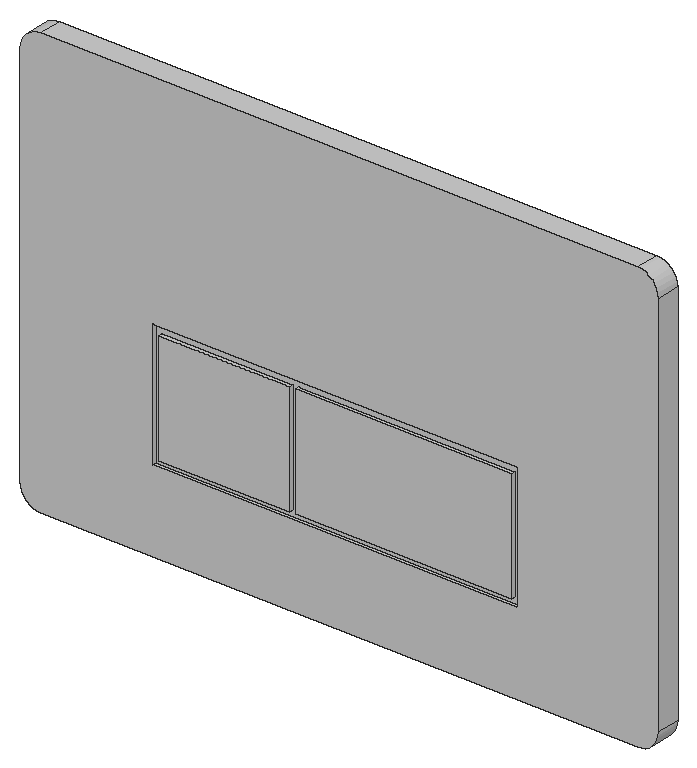
Revit family "DTCC0006", category Generic Models, Revit 2017
Family settings
  Can host rebar = No
  Round Connector Dimension = Use Diameter
  Part Type = Normal
  Work Plane-Based = No
  Always vertical = Yes
  Cut with Voids When Loaded = No
  Shared = No
  Room Calculation Point = No
Parameters
  Website = "https://dolphy.in/"  # constant formula
  Contact Number = "+91 9520202035"  # constant formula
  Contact Email = "info@dolphy.in"  # constant formula
  Company Name = "Dolphy India"  # constant formula
Reference planes
  plane 1 "Center (Front/Back)": y = 0
  plane 2: z = 0
  plane 3 "Center (Left/Right)": x = 0
Forms (mm)
  Extrusion 1, solid, material "Silver"
    sketch origin (0, 0, -1050) x (1, 0, 0) y (0, 0, 1)
      loop
        line (114.5, 1215) -> (-114.502, 1215)
        arc (-114.502, 1215) -> (-120.157, 1212.657) -> (-122.5, 1207.002) r 7.998
        line (-122.5, 1207.002) -> (-122.5, 1058.017)
        arc (-122.5, 1058.017) -> (-120.152, 1052.348) -> (-114.483, 1050) r 8.017
        line (-114.483, 1050) -> (114.549, 1050)
        arc (114.549, 1050) -> (120.171, 1052.329) -> (122.5, 1057.951) r 7.951
        line (122.5, 1057.951) -> (122.5, 1207)
        arc (122.5, 1207) -> (120.157, 1212.657) -> (114.5, 1215) r 8
    from -9 to 0
  Extrusion 2, void
    sketch origin (0, 0, -1050) x (1, 0, 0) y (0, 0, 1)
      loop
        line (-71.555, 1130) -> (-71.555, 1081.588) -> (68.445, 1081.588) -> (68.445, 1130) -> (-71.555, 1130)
      loop
        line (-69.151, 1126.969) -> (-69.151, 1083.988) -> (-19.151, 1083.988) -> (-19.151, 1126.969) -> (-69.151, 1126.969)
      loop
        line (66.045, 1126.969) -> (-16.751, 1126.969) -> (-16.751, 1083.988) -> (66.045, 1083.988) -> (66.045, 1126.969)
    from 0 to -1.5
  Extrusion 3, solid, material "Silver"
    sketch origin (0, 0, -1050) x (1, 0, 0) y (0, 0, 1)
      loop
        line (-69.151, 1126.969) -> (-69.151, 1083.988) -> (-19.151, 1083.988) -> (-19.151, 1126.969) -> (-69.151, 1126.969)
      loop
        line (-16.751, 1083.988) -> (66.045, 1083.988) -> (66.045, 1126.969) -> (-16.751, 1126.969) -> (-16.751, 1083.988)
    from 0 to -25
Cuts and joins
  Extrusion 2 cuts Extrusion 1
Dimensions and locks
  aligned and locked: level to plane 2
  aligned and locked: Extrusion 3 sketch curve to cut or joined group of Extrusion 1, Extrusion 2  (x8)
